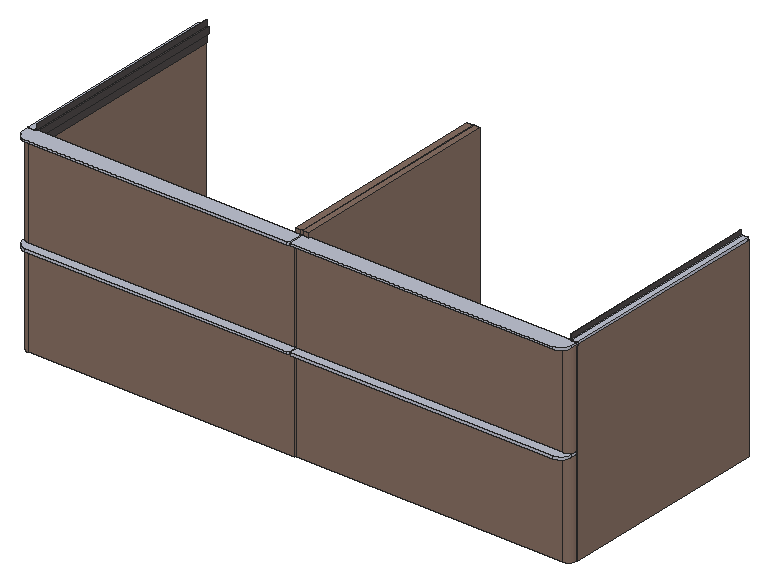
Revit family "vanity unit with 4 drawers for consoles with bowl", category Furniture, Revit 2019 (continued)
Types (48, lengths in mm): name | WEIGHT | Vanity unit 1560_550 with 4 drawers for consoles with bowl-54093700-Dark Walnut-MATT_WHITE-400_RX0RY0RZ0TX0TY0TZ0_V | Vanity unit 1560_550 with 4 drawers for consoles with bowl-54093700-Dark Walnut-MATT_WHITE-200_RX0RY0RZ0TX0TY0TZ0_V | Vanity unit 1560_550 with 4 drawers for consoles with bowl-54093670-Dark Walnut-MATT_BLACK-400_RX0RY0RZ0TX0TY0TZ0_V | Vanity unit 1560_550 with 4 drawers for consoles with bowl-54093670-Dark Walnut-MATT_BLACK-200_RX0RY0RZ0TX0TY0TZ0_V | Vanity unit 1560_550 with 4 drawers for consoles with bowl-54093000-Dark Walnut-CHROME-400_RX0RY0RZ0TX0TY0TZ0_V | Vanity unit 1560_550 with 4 drawers for consoles with bowl-54093000-Dark Walnut-CHROME-200_RX0RY0RZ0TX0TY0TZ0_V | Vanity unit 1560_550 with 4 drawers for consoles with bowl-54092700-Natural Oak-MATT_WHITE-400_RX0RY0RZ0TX0TY0TZ0_V | Vanity unit 1560_550 with 4 drawers for consoles with bowl-54092700-Natural Oak-MATT_WHITE-200_RX0RY0RZ0TX0TY0TZ0_V | Vanity unit 1560_550 with 4 drawers for consoles with bowl-54092670-Natural Oak-MATT_BLACK-400_RX0RY0RZ0TX0TY0TZ0_V | Vanity unit 1560_550 with 4 drawers for consoles with bowl-54092670-Natural Oak-MATT_BLACK-200_RX0RY0RZ0TX0TY0TZ0_V | Vanity unit 1560_550 with 4 drawers for consoles with bowl-54092000-Natural Oak-CHROME-400_RX0RY0RZ0TX0TY0TZ0_V | Vanity unit 1560_550 with 4 drawers for consoles with bowl-54092000-Natural Oak-CHROME-200_RX0RY0RZ0TX0TY0TZ0_V | Vanity unit 1560_550 with 4 drawers for consoles with bowl-54091700-Diamond Matt Grey-MATT_WHITE-400_RX0RY0RZ0TX0TY0TZ0_V | Vanity unit 1560_550 with 4 drawers for consoles with bowl-54091700-Diamond Matt Grey-MATT_WHITE-200_RX0RY0RZ0TX0TY0TZ0_V | Vanity unit 1560_550 with 4 drawers for consoles with bowl-54091670-Diamond Matt Grey-MATT_BLACK-400_RX0RY0RZ0TX0TY0TZ0_V | Vanity unit 1560_550 with 4 drawers for consoles with bowl-54091670-Diamond Matt Grey-MATT_BLACK-200_RX0RY0RZ0TX0TY0TZ0_V | Vanity unit 1560_550 with 4 drawers for consoles with bowl-54091000-Diamond Matt Grey-CHROME-400_RX0RY0RZ0TX0TY0TZ0_V | Vanity unit 1560_550 with 4 drawers for consoles with bowl-54091000-Diamond Matt Grey-CHROME-200_RX0RY0RZ0TX0TY0TZ0_V | Vanity unit 1560_550 with 4 drawers for consoles with bowl-54090700-High Gloss White-MATT_WHITE-400_RX0RY0RZ0TX0TY0TZ0_V | Vanity unit 1560_550 with 4 drawers for consoles with bowl-54090700-High Gloss White-MATT_WHITE-200_RX0RY0RZ0TX0TY0TZ0_V | Vanity unit 1560_550 with 4 drawers for consoles with bowl-54090670-High Gloss White-MATT_BLACK-400_RX0RY0RZ0TX0TY0TZ0_V | Vanity unit 1560_550 with 4 drawers for consoles with bowl-54090670-High Gloss White-MATT_BLACK-200_RX0RY0RZ0TX0TY0TZ0_V | Vanity unit 1560_550 with 4 drawers for consoles with bowl-54090000-High Gloss White-CHROME-400_RX0RY0RZ0TX0TY0TZ0_V | Vanity unit 1560_550 with 4 drawers for consoles with bowl-54090000-High Gloss White-CHROME-200_RX0RY0RZ0TX0TY0TZ0_V | Vanity unit 1360_550 with 4 drawers for consoles with bowl-54089700-Dark Walnut-MATT_WHITE-400_RX0RY0RZ0TX0TY0TZ0_V | Vanity unit 1360_550 with 4 drawers for consoles with bowl-54089700-Dark Walnut-MATT_WHITE-200_RX0RY0RZ0TX0TY0TZ0_V | Vanity unit 1360_550 with 4 drawers for consoles with bowl-54089670-Dark Walnut-MATT_BLACK-400_RX0RY0RZ0TX0TY0TZ0_V | Vanity unit 1360_550 with 4 drawers for consoles with bowl-54089670-Dark Walnut-MATT_BLACK-200_RX0RY0RZ0TX0TY0TZ0_V | Vanity unit 1360_550 with 4 drawers for consoles with bowl-54089000-Dark Walnut-CHROME-400_RX0RY0RZ0TX0TY0TZ0_V | Vanity unit 1360_550 with 4 drawers for consoles with bowl-54089000-Dark Walnut-CHROME-200_RX0RY0RZ0TX0TY0TZ0_V | Vanity unit 1360_550 with 4 drawers for consoles with bowl-54088700-Natural Oak-MATT_WHITE-400_RX0RY0RZ0TX0TY0TZ0_V | Vanity unit 1360_550 with 4 drawers for consoles with bowl-54088700-Natural Oak-MATT_WHITE-200_RX0RY0RZ0TX0TY0TZ0_V | Vanity unit 1360_550 with 4 drawers for consoles with bowl-54088670-Natural Oak-MATT_BLACK-400_RX0RY0RZ0TX0TY0TZ0_V | Vanity unit 1360_550 with 4 drawers for consoles with bowl-54088670-Natural Oak-MATT_BLACK-200_RX0RY0RZ0TX0TY0TZ0_V | Vanity unit 1360_550 with 4 drawers for consoles with bowl-54088000-Natural Oak-CHROME-400_RX0RY0RZ0TX0TY0TZ0_V | Vanity unit 1360_550 with 4 drawers for consoles with bowl-54088000-Natural Oak-CHROME-200_RX0RY0RZ0TX0TY0TZ0_V | Vanity unit 1360_550 with 4 drawers for consoles with bowl-54087700-Diamond Matt Grey-MATT_WHITE-400_RX0RY0RZ0TX0TY0TZ0_V | Vanity unit 1360_550 with 4 drawers for consoles with bowl-54087700-Diamond Matt Grey-MATT_WHITE-200_RX0RY0RZ0TX0TY0TZ0_V | Vanity unit 1360_550 with 4 drawers for consoles with bowl-54087670-Diamond Matt Grey-MATT_BLACK-400_RX0RY0RZ0TX0TY0TZ0_V | Vanity unit 1360_550 with 4 drawers for consoles with bowl-54087670-Diamond Matt Grey-MATT_BLACK-200_RX0RY0RZ0TX0TY0TZ0_V | Vanity unit 1360_550 with 4 drawers for consoles with bowl-54087000-Diamond Matt Grey-CHROME-400_RX0RY0RZ0TX0TY0TZ0_V | Vanity unit 1360_550 with 4 drawers for consoles with bowl-54087000-Diamond Matt Grey-CHROME-200_RX0RY0RZ0TX0TY0TZ0_V | Vanity unit 1360_550 with 4 drawers for consoles with bowl-54086700-High Gloss White-MATT_WHITE-400_RX0RY0RZ0TX0TY0TZ0_V | Vanity unit 1360_550 with 4 drawers for consoles with bowl-54086700-High Gloss White-MATT_WHITE-200_RX0RY0RZ0TX0TY0TZ0_V | Vanity unit 1360_550 with 4 drawers for consoles with bowl-54086670-High Gloss White-MATT_BLACK-400_RX0RY0RZ0TX0TY0TZ0_V | Vanity unit 1360_550 with 4 drawers for consoles with bowl-54086670-High Gloss White-MATT_BLACK-200_RX0RY0RZ0TX0TY0TZ0_V | Vanity unit 1360_550 with 4 drawers for consoles with bowl-54086000-High Gloss White-CHROME-400_RX0RY0RZ0TX0TY0TZ0_V | Vanity unit 1360_550 with 4 drawers for consoles with bowl-54086000-High Gloss White-CHROME-200_RX0RY0RZ0TX0TY0TZ0_V | SURFACE | PRODUCTURL | PERMALINK | OBERFLAECHE | NB | NAME | Model | MIdent | LODLEVEL | LINA | L | GTINCODE | BASENUMBER | ARTNR
  Vanity unit 1360_550 with 4 drawers for consoles with bowl-54088700-Natural Oak-MATT_WHITE-200 | "55.8" | no | no | no | no | no | no | no | no | no | no | no | no | no | no | no | no | no | no | no | no | no | no | no | no | no | no | no | no | no | no | no | yes | no | no | no | no | no | no | no | no | no | no | no | no | no | no | no | no | "MATT_WHITE" | "https://pro.hansgrohe.com/articledetail--54088000" | "54088XXX" | "Natural Oak" | "Vanity unit 1360/550 with 4 drawers for consoles with bowl-54088700-Natural Oak-MATT_WHITE-200" | "Xelu Q Vanity unit Natural Oak 1360/550 with 4 drawers for consoles with bowl" | "Vanity unit 1360/550 with 4 drawers for consoles with bowl-54088700-Natural Oak-MATT_WHITE-200" | "{$CADENAS_DATA/23d-libs/hansgrohe/xelu_furniture/vanity_unit_4_drawers_for_consoles_with_bowl/vanity_unit_4_drawers_for_consoles_with_bowl.prj},379 {VTYP=3D},{NB=Vanity unit 1360/550 with 4 drawers for consoles with bowl-54088700-Natural Oak-MATT_WHITE-200},{LINA=Vanity unit 1360/550 with 4 drawers for consoles with bowl-54088700-Natural Oak-MATT_WHITE-200},{NN=Vanity Unit with 4 Drawers for consoles with bowl},{DATE=13.03.2023 02:42:39},{GEOMDATE=08.03.2023 13:55:36},{VERSION=},{LINEID=70},{WBVAR=LODLEVEL},{WBNUMERIC=}  {NB=Vanity unit 1360/550 with 4 drawers for consoles with bowl-54088700-Natural Oak-MATT_WHITE-200},{LINA=Vanity unit 1360/550 with 4 drawers for consoles with bowl-54088700-Natural Oak-MATT_WHITE-200},{KT=DUMMY},{IDNR=7},{ARTNR=54088700},{BASENUMBER=Vanity unit 1360/550 with 4 drawers for consoles with bowl},{MODEL=54088XXX},{OBERFLAECHE=Natural Oak},{SURFACE=MATT_WHITE},{L=1360},{LODLEVEL=200},{LODLEVELX='400','400','200','200'},{NAME=Xelu Q Vanity unit Natural Oak 1360/550 with 4 drawers for consoles with bowl},{PERMALINK=54088XXX},{OBJECTTYPE=Object (single object)},{BIMOBJECT=Sanitary: Compound units},{PRODUCTFAMILY=Xelu Q},{PRODUCTGROUP=vanity unit},{WEIGHT=55.8},{DESCRIPTION=Xelu Q Vanity unit Natural Oak 1360/550 with 4 drawers for consoles with bowl},{SPECIFICATION=},{PRODUCTURL=https://pro.hansgrohe.com/articledetail--54088000},{GTINCODE=4059625456910},{TENDERURL=},{IFC=Furnishing element},{ETIM=EC011381 | Bathroom furniture set},{UNICLASS2015=Pr_40_30_78_05 | Bathroom furniture},{OMNICLASS=23-21 19 15 33 13 | Residential Bathroom Specialty Casework},{MASTERFORMAT=12 35 30.23 | Bathroom Casework},{UNSPSC=56 | Furniture and Furnishings},{UNIFORMATII=E2010 | Fixed Furnishings},{DESIGN=Germany},{MANUFACTURER=Germany},{REGIONSET=Worldwide}" | "200" | "Vanity unit 1360/550 with 4 drawers for consoles with bowl-54088700-Natural Oak-MATT_WHITE-200" | 1360 | "4059625456910" | "Vanity unit 1360/550 with 4 drawers for consoles with bowl" | "54088700"
  Vanity unit 1360_550 with 4 drawers for consoles with bowl-54088700-Natural Oak-MATT_WHITE-400 | "55.8" | no | no | no | no | no | no | no | no | no | no | no | no | no | no | no | no | no | no | no | no | no | no | no | no | no | no | no | no | no | no | yes | no | no | no | no | no | no | no | no | no | no | no | no | no | no | no | no | no | "MATT_WHITE" | "https://pro.hansgrohe.com/articledetail--54088000" | "54088XXX" | "Natural Oak" | "Vanity unit 1360/550 with 4 drawers for consoles with bowl-54088700-Natural Oak-MATT_WHITE-400" | "Xelu Q Vanity unit Natural Oak 1360/550 with 4 drawers for consoles with bowl" | "Vanity unit 1360/550 with 4 drawers for consoles with bowl-54088700-Natural Oak-MATT_WHITE-400" | "{$CADENAS_DATA/23d-libs/hansgrohe/xelu_furniture/vanity_unit_4_drawers_for_consoles_with_bowl/vanity_unit_4_drawers_for_consoles_with_bowl.prj},379 {VTYP=3D},{NB=Vanity unit 1360/550 with 4 drawers for consoles with bowl-54088700-Natural Oak-MATT_WHITE-400},{LINA=Vanity unit 1360/550 with 4 drawers for consoles with bowl-54088700-Natural Oak-MATT_WHITE-400},{NN=Vanity Unit with 4 Drawers for consoles with bowl},{DATE=13.03.2023 02:42:39},{GEOMDATE=08.03.2023 13:55:36},{VERSION=},{LINEID=70},{WBVAR=LODLEVEL},{WBNUMERIC=}  {NB=Vanity unit 1360/550 with 4 drawers for consoles with bowl-54088700-Natural Oak-MATT_WHITE-400},{LINA=Vanity unit 1360/550 with 4 drawers for consoles with bowl-54088700-Natural Oak-MATT_WHITE-400},{KT=DUMMY},{IDNR=7},{ARTNR=54088700},{BASENUMBER=Vanity unit 1360/550 with 4 drawers for consoles with bowl},{MODEL=54088XXX},{OBERFLAECHE=Natural Oak},{SURFACE=MATT_WHITE},{L=1360},{LODLEVEL=400},{LODLEVELX='400','400','200','200'},{NAME=Xelu Q Vanity unit Natural Oak 1360/550 with 4 drawers for consoles with bowl},{PERMALINK=54088XXX},{OBJECTTYPE=Object (single object)},{BIMOBJECT=Sanitary: Compound units},{PRODUCTFAMILY=Xelu Q},{PRODUCTGROUP=vanity unit},{WEIGHT=55.8},{DESCRIPTION=Xelu Q Vanity unit Natural Oak 1360/550 with 4 drawers for consoles with bowl},{SPECIFICATION=},{PRODUCTURL=https://pro.hansgrohe.com/articledetail--54088000},{GTINCODE=4059625456910},{TENDERURL=},{IFC=Furnishing element},{ETIM=EC011381 | Bathroom furniture set},{UNICLASS2015=Pr_40_30_78_05 | Bathroom furniture},{OMNICLASS=23-21 19 15 33 13 | Residential Bathroom Specialty Casework},{MASTERFORMAT=12 35 30.23 | Bathroom Casework},{UNSPSC=56 | Furniture and Furnishings},{UNIFORMATII=E2010 | Fixed Furnishings},{DESIGN=Germany},{MANUFACTURER=Germany},{REGIONSET=Worldwide}" | "400" | "Vanity unit 1360/550 with 4 drawers for consoles with bowl-54088700-Natural Oak-MATT_WHITE-400" | 1360 | "4059625456910" | "Vanity unit 1360/550 with 4 drawers for consoles with bowl" | "54088700"
  Vanity unit 1360_550 with 4 drawers for consoles with bowl-54089000-Dark Walnut-CHROME-200 | "55.8" | no | no | no | no | no | no | no | no | no | no | no | no | no | no | no | no | no | no | no | no | no | no | no | no | no | no | no | no | no | yes | no | no | no | no | no | no | no | no | no | no | no | no | no | no | no | no | no | no | "CHROME" | "https://pro.hansgrohe.com/articledetail--54089000" | "54089XXX" | "Dark Walnut" | "Vanity unit 1360/550 with 4 drawers for consoles with bowl-54089000-Dark Walnut-CHROME-200" | "Xelu Q Vanity unit Dark Walnut 1360/550 with 4 drawers for consoles with bowl" | "Vanity unit 1360/550 with 4 drawers for consoles with bowl-54089000-Dark Walnut-CHROME-200" | "{$CADENAS_DATA/23d-libs/hansgrohe/xelu_furniture/vanity_unit_4_drawers_for_consoles_with_bowl/vanity_unit_4_drawers_for_consoles_with_bowl.prj},372 {VTYP=3D},{NB=Vanity unit 1360/550 with 4 drawers for consoles with bowl-54089000-Dark Walnut-CHROME-200},{LINA=Vanity unit 1360/550 with 4 drawers for consoles with bowl-54089000-Dark Walnut-CHROME-200},{NN=Vanity Unit with 4 Drawers for consoles with bowl},{DATE=13.03.2023 02:42:39},{GEOMDATE=08.03.2023 13:55:36},{VERSION=},{LINEID=100},{WBVAR=LODLEVEL},{WBNUMERIC=}  {NB=Vanity unit 1360/550 with 4 drawers for consoles with bowl-54089000-Dark Walnut-CHROME-200},{LINA=Vanity unit 1360/550 with 4 drawers for consoles with bowl-54089000-Dark Walnut-CHROME-200},{KT=DUMMY},{IDNR=10},{ARTNR=54089000},{BASENUMBER=Vanity unit 1360/550 with 4 drawers for consoles with bowl},{MODEL=54089XXX},{OBERFLAECHE=Dark Walnut},{SURFACE=CHROME},{L=1360},{LODLEVEL=200},{LODLEVELX='400','400','200','200'},{NAME=Xelu Q Vanity unit Dark Walnut 1360/550 with 4 drawers for consoles with bowl},{PERMALINK=54089XXX},{OBJECTTYPE=Object (single object)},{BIMOBJECT=Sanitary: Compound units},{PRODUCTFAMILY=Xelu Q},{PRODUCTGROUP=vanity unit},{WEIGHT=55.8},{DESCRIPTION=Xelu Q Vanity unit Dark Walnut 1360/550 with 4 drawers for consoles with bowl},{SPECIFICATION=},{PRODUCTURL=https://pro.hansgrohe.com/articledetail--54089000},{GTINCODE=4059625456880},{TENDERURL=},{IFC=Furnishing element},{ETIM=EC011381 | Bathroom furniture set},{UNICLASS2015=Pr_40_30_78_05 | Bathroom furniture},{OMNICLASS=23-21 19 15 33 13 | Residential Bathroom Specialty Casework},{MASTERFORMAT=12 35 30.23 | Bathroom Casework},{UNSPSC=56 | Furniture and Furnishings},{UNIFORMATII=E2010 | Fixed Furnishings},{DESIGN=Germany},{MANUFACTURER=Germany},{REGIONSET=Worldwide}" | "200" | "Vanity unit 1360/550 with 4 drawers for consoles with bowl-54089000-Dark Walnut-CHROME-200" | 1360 | "4059625456880" | "Vanity unit 1360/550 with 4 drawers for consoles with bowl" | "54089000"
  Vanity unit 1360_550 with 4 drawers for consoles with bowl-54089000-Dark Walnut-CHROME-400 | "55.8" | no | no | no | no | no | no | no | no | no | no | no | no | no | no | no | no | no | no | no | no | no | no | no | no | no | no | no | no | yes | no | no | no | no | no | no | no | no | no | no | no | no | no | no | no | no | no | no | no | "CHROME" | "https://pro.hansgrohe.com/articledetail--54089000" | "54089XXX" | "Dark Walnut" | "Vanity unit 1360/550 with 4 drawers for consoles with bowl-54089000-Dark Walnut-CHROME-400" | "Xelu Q Vanity unit Dark Walnut 1360/550 with 4 drawers for consoles with bowl" | "Vanity unit 1360/550 with 4 drawers for consoles with bowl-54089000-Dark Walnut-CHROME-400" | "{$CADENAS_DATA/23d-libs/hansgrohe/xelu_furniture/vanity_unit_4_drawers_for_consoles_with_bowl/vanity_unit_4_drawers_for_consoles_with_bowl.prj},372 {VTYP=3D},{NB=Vanity unit 1360/550 with 4 drawers for consoles with bowl-54089000-Dark Walnut-CHROME-400},{LINA=Vanity unit 1360/550 with 4 drawers for consoles with bowl-54089000-Dark Walnut-CHROME-400},{NN=Vanity Unit with 4 Drawers for consoles with bowl},{DATE=13.03.2023 02:42:39},{GEOMDATE=08.03.2023 13:55:36},{VERSION=},{LINEID=100},{WBVAR=LODLEVEL},{WBNUMERIC=}  {NB=Vanity unit 1360/550 with 4 drawers for consoles with bowl-54089000-Dark Walnut-CHROME-400},{LINA=Vanity unit 1360/550 with 4 drawers for consoles with bowl-54089000-Dark Walnut-CHROME-400},{KT=DUMMY},{IDNR=10},{ARTNR=54089000},{BASENUMBER=Vanity unit 1360/550 with 4 drawers for consoles with bowl},{MODEL=54089XXX},{OBERFLAECHE=Dark Walnut},{SURFACE=CHROME},{L=1360},{LODLEVEL=400},{LODLEVELX='400','400','200','200'},{NAME=Xelu Q Vanity unit Dark Walnut 1360/550 with 4 drawers for consoles with bowl},{PERMALINK=54089XXX},{OBJECTTYPE=Object (single object)},{BIMOBJECT=Sanitary: Compound units},{PRODUCTFAMILY=Xelu Q},{PRODUCTGROUP=vanity unit},{WEIGHT=55.8},{DESCRIPTION=Xelu Q Vanity unit Dark Walnut 1360/550 with 4 drawers for consoles with bowl},{SPECIFICATION=},{PRODUCTURL=https://pro.hansgrohe.com/articledetail--54089000},{GTINCODE=4059625456880},{TENDERURL=},{IFC=Furnishing element},{ETIM=EC011381 | Bathroom furniture set},{UNICLASS2015=Pr_40_30_78_05 | Bathroom furniture},{OMNICLASS=23-21 19 15 33 13 | Residential Bathroom Specialty Casework},{MASTERFORMAT=12 35 30.23 | Bathroom Casework},{UNSPSC=56 | Furniture and Furnishings},{UNIFORMATII=E2010 | Fixed Furnishings},{DESIGN=Germany},{MANUFACTURER=Germany},{REGIONSET=Worldwide}" | "400" | "Vanity unit 1360/550 with 4 drawers for consoles with bowl-54089000-Dark Walnut-CHROME-400" | 1360 | "4059625456880" | "Vanity unit 1360/550 with 4 drawers for consoles with bowl" | "54089000"
  Vanity unit 1360_550 with 4 drawers for consoles with bowl-54089670-Dark Walnut-MATT_BLACK-200 | "55.8" | no | no | no | no | no | no | no | no | no | no | no | no | no | no | no | no | no | no | no | no | no | no | no | no | no | no | no | yes | no | no | no | no | no | no | no | no | no | no | no | no | no | no | no | no | no | no | no | no | "MATT_BLACK" | "https://pro.hansgrohe.com/articledetail--54089000" | "54089XXX" | "Dark Walnut" | "Vanity unit 1360/550 with 4 drawers for consoles with bowl-54089670-Dark Walnut-MATT_BLACK-200" | "Xelu Q Vanity unit Dark Walnut 1360/550 with 4 drawers for consoles with bowl" | "Vanity unit 1360/550 with 4 drawers for consoles with bowl-54089670-Dark Walnut-MATT_BLACK-200" | "{$CADENAS_DATA/23d-libs/hansgrohe/xelu_furniture/vanity_unit_4_drawers_for_consoles_with_bowl/vanity_unit_4_drawers_for_consoles_with_bowl.prj},380 {VTYP=3D},{NB=Vanity unit 1360/550 with 4 drawers for consoles with bowl-54089670-Dark Walnut-MATT_BLACK-200},{LINA=Vanity unit 1360/550 with 4 drawers for consoles with bowl-54089670-Dark Walnut-MATT_BLACK-200},{NN=Vanity Unit with 4 Drawers for consoles with bowl},{DATE=13.03.2023 02:42:39},{GEOMDATE=08.03.2023 13:55:36},{VERSION=},{LINEID=120},{WBVAR=LODLEVEL},{WBNUMERIC=}  {NB=Vanity unit 1360/550 with 4 drawers for consoles with bowl-54089670-Dark Walnut-MATT_BLACK-200},{LINA=Vanity unit 1360/550 with 4 drawers for consoles with bowl-54089670-Dark Walnut-MATT_BLACK-200},{KT=DUMMY},{IDNR=12},{ARTNR=54089670},{BASENUMBER=Vanity unit 1360/550 with 4 drawers for consoles with bowl},{MODEL=54089XXX},{OBERFLAECHE=Dark Walnut},{SURFACE=MATT_BLACK},{L=1360},{LODLEVEL=200},{LODLEVELX='400','400','200','200'},{NAME=Xelu Q Vanity unit Dark Walnut 1360/550 with 4 drawers for consoles with bowl},{PERMALINK=54089XXX},{OBJECTTYPE=Object (single object)},{BIMOBJECT=Sanitary: Compound units},{PRODUCTFAMILY=Xelu Q},{PRODUCTGROUP=vanity unit},{WEIGHT=55.8},{DESCRIPTION=Xelu Q Vanity unit Dark Walnut 1360/550 with 4 drawers for consoles with bowl},{SPECIFICATION=},{PRODUCTURL=https://pro.hansgrohe.com/articledetail--54089000},{GTINCODE=4059625456880},{TENDERURL=},{IFC=Furnishing element},{ETIM=EC011381 | Bathroom furniture set},{UNICLASS2015=Pr_40_30_78_05 | Bathroom furniture},{OMNICLASS=23-21 19 15 33 13 | Residential Bathroom Specialty Casework},{MASTERFORMAT=12 35 30.23 | Bathroom Casework},{UNSPSC=56 | Furniture and Furnishings},{UNIFORMATII=E2010 | Fixed Furnishings},{DESIGN=Germany},{MANUFACTURER=Germany},{REGIONSET=Worldwide}" | "200" | "Vanity unit 1360/550 with 4 drawers for consoles with bowl-54089670-Dark Walnut-MATT_BLACK-200" | 1360 | "4059625456880" | "Vanity unit 1360/550 with 4 drawers for consoles with bowl" | "54089670"
  Vanity unit 1360_550 with 4 drawers for consoles with bowl-54089670-Dark Walnut-MATT_BLACK-400 | "55.8" | no | no | no | no | no | no | no | no | no | no | no | no | no | no | no | no | no | no | no | no | no | no | no | no | no | no | yes | no | no | no | no | no | no | no | no | no | no | no | no | no | no | no | no | no | no | no | no | no | "MATT_BLACK" | "https://pro.hansgrohe.com/articledetail--54089000" | "54089XXX" | "Dark Walnut" | "Vanity unit 1360/550 with 4 drawers for consoles with bowl-54089670-Dark Walnut-MATT_BLACK-400" | "Xelu Q Vanity unit Dark Walnut 1360/550 with 4 drawers for consoles with bowl" | "Vanity unit 1360/550 with 4 drawers for consoles with bowl-54089670-Dark Walnut-MATT_BLACK-400" | "{$CADENAS_DATA/23d-libs/hansgrohe/xelu_furniture/vanity_unit_4_drawers_for_consoles_with_bowl/vanity_unit_4_drawers_for_consoles_with_bowl.prj},380 {VTYP=3D},{NB=Vanity unit 1360/550 with 4 drawers for consoles with bowl-54089670-Dark Walnut-MATT_BLACK-400},{LINA=Vanity unit 1360/550 with 4 drawers for consoles with bowl-54089670-Dark Walnut-MATT_BLACK-400},{NN=Vanity Unit with 4 Drawers for consoles with bowl},{DATE=13.03.2023 02:42:39},{GEOMDATE=08.03.2023 13:55:36},{VERSION=},{LINEID=120},{WBVAR=LODLEVEL},{WBNUMERIC=}  {NB=Vanity unit 1360/550 with 4 drawers for consoles with bowl-54089670-Dark Walnut-MATT_BLACK-400},{LINA=Vanity unit 1360/550 with 4 drawers for consoles with bowl-54089670-Dark Walnut-MATT_BLACK-400},{KT=DUMMY},{IDNR=12},{ARTNR=54089670},{BASENUMBER=Vanity unit 1360/550 with 4 drawers for consoles with bowl},{MODEL=54089XXX},{OBERFLAECHE=Dark Walnut},{SURFACE=MATT_BLACK},{L=1360},{LODLEVEL=400},{LODLEVELX='400','400','200','200'},{NAME=Xelu Q Vanity unit Dark Walnut 1360/550 with 4 drawers for consoles with bowl},{PERMALINK=54089XXX},{OBJECTTYPE=Object (single object)},{BIMOBJECT=Sanitary: Compound units},{PRODUCTFAMILY=Xelu Q},{PRODUCTGROUP=vanity unit},{WEIGHT=55.8},{DESCRIPTION=Xelu Q Vanity unit Dark Walnut 1360/550 with 4 drawers for consoles with bowl},{SPECIFICATION=},{PRODUCTURL=https://pro.hansgrohe.com/articledetail--54089000},{GTINCODE=4059625456880},{TENDERURL=},{IFC=Furnishing element},{ETIM=EC011381 | Bathroom furniture set},{UNICLASS2015=Pr_40_30_78_05 | Bathroom furniture},{OMNICLASS=23-21 19 15 33 13 | Residential Bathroom Specialty Casework},{MASTERFORMAT=12 35 30.23 | Bathroom Casework},{UNSPSC=56 | Furniture and Furnishings},{UNIFORMATII=E2010 | Fixed Furnishings},{DESIGN=Germany},{MANUFACTURER=Germany},{REGIONSET=Worldwide}" | "400" | "Vanity unit 1360/550 with 4 drawers for consoles with bowl-54089670-Dark Walnut-MATT_BLACK-400" | 1360 | "4059625456880" | "Vanity unit 1360/550 with 4 drawers for consoles with bowl" | "54089670"
  Vanity unit 1360_550 with 4 drawers for consoles with bowl-54089700-Dark Walnut-MATT_WHITE-200 | "55.8" | no | no | no | no | no | no | no | no | no | no | no | no | no | no | no | no | no | no | no | no | no | no | no | no | no | yes | no | no | no | no | no | no | no | no | no | no | no | no | no | no | no | no | no | no | no | no | no | no | "MATT_WHITE" | "https://pro.hansgrohe.com/articledetail--54089000" | "54089XXX" | "Dark Walnut" | "Vanity unit 1360/550 with 4 drawers for consoles with bowl-54089700-Dark Walnut-MATT_WHITE-200" | "Xelu Q Vanity unit Dark Walnut 1360/550 with 4 drawers for consoles with bowl" | "Vanity unit 1360/550 with 4 drawers for consoles with bowl-54089700-Dark Walnut-MATT_WHITE-200" | "{$CADENAS_DATA/23d-libs/hansgrohe/xelu_furniture/vanity_unit_4_drawers_for_consoles_with_bowl/vanity_unit_4_drawers_for_consoles_with_bowl.prj},380 {VTYP=3D},{NB=Vanity unit 1360/550 with 4 drawers for consoles with bowl-54089700-Dark Walnut-MATT_WHITE-200},{LINA=Vanity unit 1360/550 with 4 drawers for consoles with bowl-54089700-Dark Walnut-MATT_WHITE-200},{NN=Vanity Unit with 4 Drawers for consoles with bowl},{DATE=13.03.2023 02:42:39},{GEOMDATE=08.03.2023 13:55:36},{VERSION=},{LINEID=110},{WBVAR=LODLEVEL},{WBNUMERIC=}  {NB=Vanity unit 1360/550 with 4 drawers for consoles with bowl-54089700-Dark Walnut-MATT_WHITE-200},{LINA=Vanity unit 1360/550 with 4 drawers for consoles with bowl-54089700-Dark Walnut-MATT_WHITE-200},{KT=DUMMY},{IDNR=11},{ARTNR=54089700},{BASENUMBER=Vanity unit 1360/550 with 4 drawers for consoles with bowl},{MODEL=54089XXX},{OBERFLAECHE=Dark Walnut},{SURFACE=MATT_WHITE},{L=1360},{LODLEVEL=200},{LODLEVELX='400','400','200','200'},{NAME=Xelu Q Vanity unit Dark Walnut 1360/550 with 4 drawers for consoles with bowl},{PERMALINK=54089XXX},{OBJECTTYPE=Object (single object)},{BIMOBJECT=Sanitary: Compound units},{PRODUCTFAMILY=Xelu Q},{PRODUCTGROUP=vanity unit},{WEIGHT=55.8},{DESCRIPTION=Xelu Q Vanity unit Dark Walnut 1360/550 with 4 drawers for consoles with bowl},{SPECIFICATION=},{PRODUCTURL=https://pro.hansgrohe.com/articledetail--54089000},{GTINCODE=4059625456880},{TENDERURL=},{IFC=Furnishing element},{ETIM=EC011381 | Bathroom furniture set},{UNICLASS2015=Pr_40_30_78_05 | Bathroom furniture},{OMNICLASS=23-21 19 15 33 13 | Residential Bathroom Specialty Casework},{MASTERFORMAT=12 35 30.23 | Bathroom Casework},{UNSPSC=56 | Furniture and Furnishings},{UNIFORMATII=E2010 | Fixed Furnishings},{DESIGN=Germany},{MANUFACTURER=Germany},{REGIONSET=Worldwide}" | "200" | "Vanity unit 1360/550 with 4 drawers for consoles with bowl-54089700-Dark Walnut-MATT_WHITE-200" | 1360 | "4059625456880" | "Vanity unit 1360/550 with 4 drawers for consoles with bowl" | "54089700"
  Vanity unit 1360_550 with 4 drawers for consoles with bowl-54089700-Dark Walnut-MATT_WHITE-400 | "55.8" | no | no | no | no | no | no | no | no | no | no | no | no | no | no | no | no | no | no | no | no | no | no | no | no | yes | no | no | no | no | no | no | no | no | no | no | no | no | no | no | no | no | no | no | no | no | no | no | no | "MATT_WHITE" | "https://pro.hansgrohe.com/articledetail--54089000" | "54089XXX" | "Dark Walnut" | "Vanity unit 1360/550 with 4 drawers for consoles with bowl-54089700-Dark Walnut-MATT_WHITE-400" | "Xelu Q Vanity unit Dark Walnut 1360/550 with 4 drawers for consoles with bowl" | "Vanity unit 1360/550 with 4 drawers for consoles with bowl-54089700-Dark Walnut-MATT_WHITE-400" | "{$CADENAS_DATA/23d-libs/hansgrohe/xelu_furniture/vanity_unit_4_drawers_for_consoles_with_bowl/vanity_unit_4_drawers_for_consoles_with_bowl.prj},380 {VTYP=3D},{NB=Vanity unit 1360/550 with 4 drawers for consoles with bowl-54089700-Dark Walnut-MATT_WHITE-400},{LINA=Vanity unit 1360/550 with 4 drawers for consoles with bowl-54089700-Dark Walnut-MATT_WHITE-400},{NN=Vanity Unit with 4 Drawers for consoles with bowl},{DATE=13.03.2023 02:42:39},{GEOMDATE=08.03.2023 13:55:36},{VERSION=},{LINEID=110},{WBVAR=LODLEVEL},{WBNUMERIC=}  {NB=Vanity unit 1360/550 with 4 drawers for consoles with bowl-54089700-Dark Walnut-MATT_WHITE-400},{LINA=Vanity unit 1360/550 with 4 drawers for consoles with bowl-54089700-Dark Walnut-MATT_WHITE-400},{KT=DUMMY},{IDNR=11},{ARTNR=54089700},{BASENUMBER=Vanity unit 1360/550 with 4 drawers for consoles with bowl},{MODEL=54089XXX},{OBERFLAECHE=Dark Walnut},{SURFACE=MATT_WHITE},{L=1360},{LODLEVEL=400},{LODLEVELX='400','400','200','200'},{NAME=Xelu Q Vanity unit Dark Walnut 1360/550 with 4 drawers for consoles with bowl},{PERMALINK=54089XXX},{OBJECTTYPE=Object (single object)},{BIMOBJECT=Sanitary: Compound units},{PRODUCTFAMILY=Xelu Q},{PRODUCTGROUP=vanity unit},{WEIGHT=55.8},{DESCRIPTION=Xelu Q Vanity unit Dark Walnut 1360/550 with 4 drawers for consoles with bowl},{SPECIFICATION=},{PRODUCTURL=https://pro.hansgrohe.com/articledetail--54089000},{GTINCODE=4059625456880},{TENDERURL=},{IFC=Furnishing element},{ETIM=EC011381 | Bathroom furniture set},{UNICLASS2015=Pr_40_30_78_05 | Bathroom furniture},{OMNICLASS=23-21 19 15 33 13 | Residential Bathroom Specialty Casework},{MASTERFORMAT=12 35 30.23 | Bathroom Casework},{UNSPSC=56 | Furniture and Furnishings},{UNIFORMATII=E2010 | Fixed Furnishings},{DESIGN=Germany},{MANUFACTURER=Germany},{REGIONSET=Worldwide}" | "400" | "Vanity unit 1360/550 with 4 drawers for consoles with bowl-54089700-Dark Walnut-MATT_WHITE-400" | 1360 | "4059625456880" | "Vanity unit 1360/550 with 4 drawers for consoles with bowl" | "54089700"
  Vanity unit 1560_550 with 4 drawers for consoles with bowl-54090000-High Gloss White-CHROME-200 | "61" | no | no | no | no | no | no | no | no | no | no | no | no | no | no | no | no | no | no | no | no | no | no | no | yes | no | no | no | no | no | no | no | no | no | no | no | no | no | no | no | no | no | no | no | no | no | no | no | no | "CHROME" | "https://pro.hansgrohe.com/articledetail--54090000" | "54090XXX" | "High Gloss White" | "Vanity unit 1560/550 with 4 drawers for consoles with bowl-54090000-High Gloss White-CHROME-200" | "Xelu Q Vanity unit High Gloss White 1560/550 with 4 drawers for consoles with bowl" | "Vanity unit 1560/550 with 4 drawers for consoles with bowl-54090000-High Gloss White-CHROME-200" | "{$CADENAS_DATA/23d-libs/hansgrohe/xelu_furniture/vanity_unit_4_drawers_for_consoles_with_bowl/vanity_unit_4_drawers_for_consoles_with_bowl.prj},382 {VTYP=3D},{NB=Vanity unit 1560/550 with 4 drawers for consoles with bowl-54090000-High Gloss White-CHROME-200},{LINA=Vanity unit 1560/550 with 4 drawers for consoles with bowl-54090000-High Gloss White-CHROME-200},{NN=Vanity Unit with 4 Drawers for consoles with bowl},{DATE=13.03.2023 02:42:39},{GEOMDATE=08.03.2023 13:55:36},{VERSION=},{LINEID=140},{WBVAR=LODLEVEL},{WBNUMERIC=}  {NB=Vanity unit 1560/550 with 4 drawers for consoles with bowl-54090000-High Gloss White-CHROME-200},{LINA=Vanity unit 1560/550 with 4 drawers for consoles with bowl-54090000-High Gloss White-CHROME-200},{KT=DUMMY},{IDNR=14},{ARTNR=54090000},{BASENUMBER=Vanity unit 1560/550 with 4 drawers for consoles with bowl},{MODEL=54090XXX},{OBERFLAECHE=High Gloss White},{SURFACE=CHROME},{L=1560},{LODLEVEL=200},{LODLEVELX='400','400','200','200'},{NAME=Xelu Q Vanity unit High Gloss White 1560/550 with 4 drawers for consoles with bowl},{PERMALINK=54090XXX},{OBJECTTYPE=Object (single object)},{BIMOBJECT=Sanitary: Compound units},{PRODUCTFAMILY=Xelu Q},{PRODUCTGROUP=vanity unit},{WEIGHT=61},{DESCRIPTION=Xelu Q Vanity unit High Gloss White 1560/550 with 4 drawers for consoles with bowl},{SPECIFICATION=},{PRODUCTURL=https://pro.hansgrohe.com/articledetail--54090000},{GTINCODE=4059625456859},{TENDERURL=},{IFC=Furnishing element},{ETIM=EC011381 | Bathroom furniture set},{UNICLASS2015=Pr_40_30_78_05 | Bathroom furniture},{OMNICLASS=23-21 19 15 33 13 | Residential Bathroom Specialty Casework},{MASTERFORMAT=12 35 30.23 | Bathroom Casework},{UNSPSC=56 | Furniture and Furnishings},{UNIFORMATII=E2010 | Fixed Furnishings},{DESIGN=Germany},{MANUFACTURER=Germany},{REGIONSET=Worldwide}" | "200" | "Vanity unit 1560/550 with 4 drawers for consoles with bowl-54090000-High Gloss White-CHROME-200" | 1560 | "4059625456859" | "Vanity unit 1560/550 with 4 drawers for consoles with bowl" | "54090000"
  Vanity unit 1560_550 with 4 drawers for consoles with bowl-54090000-High Gloss White-CHROME-400 | "61" | no | no | no | no | no | no | no | no | no | no | no | no | no | no | no | no | no | no | no | no | no | no | yes | no | no | no | no | no | no | no | no | no | no | no | no | no | no | no | no | no | no | no | no | no | no | no | no | no | "CHROME" | "https://pro.hansgrohe.com/articledetail--54090000" | "54090XXX" | "High Gloss White" | "Vanity unit 1560/550 with 4 drawers for consoles with bowl-54090000-High Gloss White-CHROME-400" | "Xelu Q Vanity unit High Gloss White 1560/550 with 4 drawers for consoles with bowl" | "Vanity unit 1560/550 with 4 drawers for consoles with bowl-54090000-High Gloss White-CHROME-400" | "{$CADENAS_DATA/23d-libs/hansgrohe/xelu_furniture/vanity_unit_4_drawers_for_consoles_with_bowl/vanity_unit_4_drawers_for_consoles_with_bowl.prj},382 {VTYP=3D},{NB=Vanity unit 1560/550 with 4 drawers for consoles with bowl-54090000-High Gloss White-CHROME-400},{LINA=Vanity unit 1560/550 with 4 drawers for consoles with bowl-54090000-High Gloss White-CHROME-400},{NN=Vanity Unit with 4 Drawers for consoles with bowl},{DATE=13.03.2023 02:42:39},{GEOMDATE=08.03.2023 13:55:36},{VERSION=},{LINEID=140},{WBVAR=LODLEVEL},{WBNUMERIC=}  {NB=Vanity unit 1560/550 with 4 drawers for consoles with bowl-54090000-High Gloss White-CHROME-400},{LINA=Vanity unit 1560/550 with 4 drawers for consoles with bowl-54090000-High Gloss White-CHROME-400},{KT=DUMMY},{IDNR=14},{ARTNR=54090000},{BASENUMBER=Vanity unit 1560/550 with 4 drawers for consoles with bowl},{MODEL=54090XXX},{OBERFLAECHE=High Gloss White},{SURFACE=CHROME},{L=1560},{LODLEVEL=400},{LODLEVELX='400','400','200','200'},{NAME=Xelu Q Vanity unit High Gloss White 1560/550 with 4 drawers for consoles with bowl},{PERMALINK=54090XXX},{OBJECTTYPE=Object (single object)},{BIMOBJECT=Sanitary: Compound units},{PRODUCTFAMILY=Xelu Q},{PRODUCTGROUP=vanity unit},{WEIGHT=61},{DESCRIPTION=Xelu Q Vanity unit High Gloss White 1560/550 with 4 drawers for consoles with bowl},{SPECIFICATION=},{PRODUCTURL=https://pro.hansgrohe.com/articledetail--54090000},{GTINCODE=4059625456859},{TENDERURL=},{IFC=Furnishing element},{ETIM=EC011381 | Bathroom furniture set},{UNICLASS2015=Pr_40_30_78_05 | Bathroom furniture},{OMNICLASS=23-21 19 15 33 13 | Residential Bathroom Specialty Casework},{MASTERFORMAT=12 35 30.23 | Bathroom Casework},{UNSPSC=56 | Furniture and Furnishings},{UNIFORMATII=E2010 | Fixed Furnishings},{DESIGN=Germany},{MANUFACTURER=Germany},{REGIONSET=Worldwide}" | "400" | "Vanity unit 1560/550 with 4 drawers for consoles with bowl-54090000-High Gloss White-CHROME-400" | 1560 | "4059625456859" | "Vanity unit 1560/550 with 4 drawers for consoles with bowl" | "54090000"
  Vanity unit 1560_550 with 4 drawers for consoles with bowl-54090670-High Gloss White-MATT_BLACK-200 | "61" | no | no | no | no | no | no | no | no | no | no | no | no | no | no | no | no | no | no | no | no | no | yes | no | no | no | no | no | no | no | no | no | no | no | no | no | no | no | no | no | no | no | no | no | no | no | no | no | no | "MATT_BLACK" | "https://pro.hansgrohe.com/articledetail--54090000" | "54090XXX" | "High Gloss White" | "Vanity unit 1560/550 with 4 drawers for consoles with bowl-54090670-High Gloss White-MATT_BLACK-200" | "Xelu Q Vanity unit High Gloss White 1560/550 with 4 drawers for consoles with bowl" | "Vanity unit 1560/550 with 4 drawers for consoles with bowl-54090670-High Gloss White-MATT_BLACK-200" | "{$CADENAS_DATA/23d-libs/hansgrohe/xelu_furniture/vanity_unit_4_drawers_for_consoles_with_bowl/vanity_unit_4_drawers_for_consoles_with_bowl.prj},390 {VTYP=3D},{NB=Vanity unit 1560/550 with 4 drawers for consoles with bowl-54090670-High Gloss White-MATT_BLACK-200},{LINA=Vanity unit 1560/550 with 4 drawers for consoles with bowl-54090670-High Gloss White-MATT_BLACK-200},{NN=Vanity Unit with 4 Drawers for consoles with bowl},{DATE=13.03.2023 02:42:39},{GEOMDATE=08.03.2023 13:55:36},{VERSION=},{LINEID=130},{WBVAR=LODLEVEL},{WBNUMERIC=}  {NB=Vanity unit 1560/550 with 4 drawers for consoles with bowl-54090670-High Gloss White-MATT_BLACK-200},{LINA=Vanity unit 1560/550 with 4 drawers for consoles with bowl-54090670-High Gloss White-MATT_BLACK-200},{KT=DUMMY},{IDNR=13},{ARTNR=54090670},{BASENUMBER=Vanity unit 1560/550 with 4 drawers for consoles with bowl},{MODEL=54090XXX},{OBERFLAECHE=High Gloss White},{SURFACE=MATT_BLACK},{L=1560},{LODLEVEL=200},{LODLEVELX='400','400','200','200'},{NAME=Xelu Q Vanity unit High Gloss White 1560/550 with 4 drawers for consoles with bowl},{PERMALINK=54090XXX},{OBJECTTYPE=Object (single object)},{BIMOBJECT=Sanitary: Compound units},{PRODUCTFAMILY=Xelu Q},{PRODUCTGROUP=vanity unit},{WEIGHT=61},{DESCRIPTION=Xelu Q Vanity unit High Gloss White 1560/550 with 4 drawers for consoles with bowl},{SPECIFICATION=},{PRODUCTURL=https://pro.hansgrohe.com/articledetail--54090000},{GTINCODE=4059625456859},{TENDERURL=},{IFC=Furnishing element},{ETIM=EC011381 | Bathroom furniture set},{UNICLASS2015=Pr_40_30_78_05 | Bathroom furniture},{OMNICLASS=23-21 19 15 33 13 | Residential Bathroom Specialty Casework},{MASTERFORMAT=12 35 30.23 | Bathroom Casework},{UNSPSC=56 | Furniture and Furnishings},{UNIFORMATII=E2010 | Fixed Furnishings},{DESIGN=Germany},{MANUFACTURER=Germany},{REGIONSET=Worldwide}" | "200" | "Vanity unit 1560/550 with 4 drawers for consoles with bowl-54090670-High Gloss White-MATT_BLACK-200" | 1560 | "4059625456859" | "Vanity unit 1560/550 with 4 drawers for consoles with bowl" | "54090670"
  Vanity unit 1560_550 with 4 drawers for consoles with bowl-54090670-High Gloss White-MATT_BLACK-400 | "61" | no | no | no | no | no | no | no | no | no | no | no | no | no | no | no | no | no | no | no | no | yes | no | no | no | no | no | no | no | no | no | no | no | no | no | no | no | no | no | no | no | no | no | no | no | no | no | no | no | "MATT_BLACK" | "https://pro.hansgrohe.com/articledetail--54090000" | "54090XXX" | "High Gloss White" | "Vanity unit 1560/550 with 4 drawers for consoles with bowl-54090670-High Gloss White-MATT_BLACK-400" | "Xelu Q Vanity unit High Gloss White 1560/550 with 4 drawers for consoles with bowl" | "Vanity unit 1560/550 with 4 drawers for consoles with bowl-54090670-High Gloss White-MATT_BLACK-400" | "{$CADENAS_DATA/23d-libs/hansgrohe/xelu_furniture/vanity_unit_4_drawers_for_consoles_with_bowl/vanity_unit_4_drawers_for_consoles_with_bowl.prj},390 {VTYP=3D},{NB=Vanity unit 1560/550 with 4 drawers for consoles with bowl-54090670-High Gloss White-MATT_BLACK-400},{LINA=Vanity unit 1560/550 with 4 drawers for consoles with bowl-54090670-High Gloss White-MATT_BLACK-400},{NN=Vanity Unit with 4 Drawers for consoles with bowl},{DATE=13.03.2023 02:42:39},{GEOMDATE=08.03.2023 13:55:36},{VERSION=},{LINEID=130},{WBVAR=LODLEVEL},{WBNUMERIC=}  {NB=Vanity unit 1560/550 with 4 drawers for consoles with bowl-54090670-High Gloss White-MATT_BLACK-400},{LINA=Vanity unit 1560/550 with 4 drawers for consoles with bowl-54090670-High Gloss White-MATT_BLACK-400},{KT=DUMMY},{IDNR=13},{ARTNR=54090670},{BASENUMBER=Vanity unit 1560/550 with 4 drawers for consoles with bowl},{MODEL=54090XXX},{OBERFLAECHE=High Gloss White},{SURFACE=MATT_BLACK},{L=1560},{LODLEVEL=400},{LODLEVELX='400','400','200','200'},{NAME=Xelu Q Vanity unit High Gloss White 1560/550 with 4 drawers for consoles with bowl},{PERMALINK=54090XXX},{OBJECTTYPE=Object (single object)},{BIMOBJECT=Sanitary: Compound units},{PRODUCTFAMILY=Xelu Q},{PRODUCTGROUP=vanity unit},{WEIGHT=61},{DESCRIPTION=Xelu Q Vanity unit High Gloss White 1560/550 with 4 drawers for consoles with bowl},{SPECIFICATION=},{PRODUCTURL=https://pro.hansgrohe.com/articledetail--54090000},{GTINCODE=4059625456859},{TENDERURL=},{IFC=Furnishing element},{ETIM=EC011381 | Bathroom furniture set},{UNICLASS2015=Pr_40_30_78_05 | Bathroom furniture},{OMNICLASS=23-21 19 15 33 13 | Residential Bathroom Specialty Casework},{MASTERFORMAT=12 35 30.23 | Bathroom Casework},{UNSPSC=56 | Furniture and Furnishings},{UNIFORMATII=E2010 | Fixed Furnishings},{DESIGN=Germany},{MANUFACTURER=Germany},{REGIONSET=Worldwide}" | "400" | "Vanity unit 1560/550 with 4 drawers for consoles with bowl-54090670-High Gloss White-MATT_BLACK-400" | 1560 | "4059625456859" | "Vanity unit 1560/550 with 4 drawers for consoles with bowl" | "54090670"
  Vanity unit 1560_550 with 4 drawers for consoles with bowl-54090700-High Gloss White-MATT_WHITE-200 | "61" | no | no | no | no | no | no | no | no | no | no | no | no | no | no | no | no | no | no | no | yes | no | no | no | no | no | no | no | no | no | no | no | no | no | no | no | no | no | no | no | no | no | no | no | no | no | no | no | no | "MATT_WHITE" | "https://pro.hansgrohe.com/articledetail--54090000" | "54090XXX" | "High Gloss White" | "Vanity unit 1560/550 with 4 drawers for consoles with bowl-54090700-High Gloss White-MATT_WHITE-200" | "Xelu Q Vanity unit High Gloss White 1560/550 with 4 drawers for consoles with bowl" | "Vanity unit 1560/550 with 4 drawers for consoles with bowl-54090700-High Gloss White-MATT_WHITE-200" | "{$CADENAS_DATA/23d-libs/hansgrohe/xelu_furniture/vanity_unit_4_drawers_for_consoles_with_bowl/vanity_unit_4_drawers_for_consoles_with_bowl.prj},390 {VTYP=3D},{NB=Vanity unit 1560/550 with 4 drawers for consoles with bowl-54090700-High Gloss White-MATT_WHITE-200},{LINA=Vanity unit 1560/550 with 4 drawers for consoles with bowl-54090700-High Gloss White-MATT_WHITE-200},{NN=Vanity Unit with 4 Drawers for consoles with bowl},{DATE=13.03.2023 02:42:39},{GEOMDATE=08.03.2023 13:55:36},{VERSION=},{LINEID=150},{WBVAR=LODLEVEL},{WBNUMERIC=}  {NB=Vanity unit 1560/550 with 4 drawers for consoles with bowl-54090700-High Gloss White-MATT_WHITE-200},{LINA=Vanity unit 1560/550 with 4 drawers for consoles with bowl-54090700-High Gloss White-MATT_WHITE-200},{KT=DUMMY},{IDNR=15},{ARTNR=54090700},{BASENUMBER=Vanity unit 1560/550 with 4 drawers for consoles with bowl},{MODEL=54090XXX},{OBERFLAECHE=High Gloss White},{SURFACE=MATT_WHITE},{L=1560},{LODLEVEL=200},{LODLEVELX='400','400','200','200'},{NAME=Xelu Q Vanity unit High Gloss White 1560/550 with 4 drawers for consoles with bowl},{PERMALINK=54090XXX},{OBJECTTYPE=Object (single object)},{BIMOBJECT=Sanitary: Compound units},{PRODUCTFAMILY=Xelu Q},{PRODUCTGROUP=vanity unit},{WEIGHT=61},{DESCRIPTION=Xelu Q Vanity unit High Gloss White 1560/550 with 4 drawers for consoles with bowl},{SPECIFICATION=},{PRODUCTURL=https://pro.hansgrohe.com/articledetail--54090000},{GTINCODE=4059625456859},{TENDERURL=},{IFC=Furnishing element},{ETIM=EC011381 | Bathroom furniture set},{UNICLASS2015=Pr_40_30_78_05 | Bathroom furniture},{OMNICLASS=23-21 19 15 33 13 | Residential Bathroom Specialty Casework},{MASTERFORMAT=12 35 30.23 | Bathroom Casework},{UNSPSC=56 | Furniture and Furnishings},{UNIFORMATII=E2010 | Fixed Furnishings},{DESIGN=Germany},{MANUFACTURER=Germany},{REGIONSET=Worldwide}" | "200" | "Vanity unit 1560/550 with 4 drawers for consoles with bowl-54090700-High Gloss White-MATT_WHITE-200" | 1560 | "4059625456859" | "Vanity unit 1560/550 with 4 drawers for consoles with bowl" | "54090700"
  Vanity unit 1560_550 with 4 drawers for consoles with bowl-54090700-High Gloss White-MATT_WHITE-400 | "61" | no | no | no | no | no | no | no | no | no | no | no | no | no | no | no | no | no | no | yes | no | no | no | no | no | no | no | no | no | no | no | no | no | no | no | no | no | no | no | no | no | no | no | no | no | no | no | no | no | "MATT_WHITE" | "https://pro.hansgrohe.com/articledetail--54090000" | "54090XXX" | "High Gloss White" | "Vanity unit 1560/550 with 4 drawers for consoles with bowl-54090700-High Gloss White-MATT_WHITE-400" | "Xelu Q Vanity unit High Gloss White 1560/550 with 4 drawers for consoles with bowl" | "Vanity unit 1560/550 with 4 drawers for consoles with bowl-54090700-High Gloss White-MATT_WHITE-400" | "{$CADENAS_DATA/23d-libs/hansgrohe/xelu_furniture/vanity_unit_4_drawers_for_consoles_with_bowl/vanity_unit_4_drawers_for_consoles_with_bowl.prj},390 {VTYP=3D},{NB=Vanity unit 1560/550 with 4 drawers for consoles with bowl-54090700-High Gloss White-MATT_WHITE-400},{LINA=Vanity unit 1560/550 with 4 drawers for consoles with bowl-54090700-High Gloss White-MATT_WHITE-400},{NN=Vanity Unit with 4 Drawers for consoles with bowl},{DATE=13.03.2023 02:42:39},{GEOMDATE=08.03.2023 13:55:36},{VERSION=},{LINEID=150},{WBVAR=LODLEVEL},{WBNUMERIC=}  {NB=Vanity unit 1560/550 with 4 drawers for consoles with bowl-54090700-High Gloss White-MATT_WHITE-400},{LINA=Vanity unit 1560/550 with 4 drawers for consoles with bowl-54090700-High Gloss White-MATT_WHITE-400},{KT=DUMMY},{IDNR=15},{ARTNR=54090700},{BASENUMBER=Vanity unit 1560/550 with 4 drawers for consoles with bowl},{MODEL=54090XXX},{OBERFLAECHE=High Gloss White},{SURFACE=MATT_WHITE},{L=1560},{LODLEVEL=400},{LODLEVELX='400','400','200','200'},{NAME=Xelu Q Vanity unit High Gloss White 1560/550 with 4 drawers for consoles with bowl},{PERMALINK=54090XXX},{OBJECTTYPE=Object (single object)},{BIMOBJECT=Sanitary: Compound units},{PRODUCTFAMILY=Xelu Q},{PRODUCTGROUP=vanity unit},{WEIGHT=61},{DESCRIPTION=Xelu Q Vanity unit High Gloss White 1560/550 with 4 drawers for consoles with bowl},{SPECIFICATION=},{PRODUCTURL=https://pro.hansgrohe.com/articledetail--54090000},{GTINCODE=4059625456859},{TENDERURL=},{IFC=Furnishing element},{ETIM=EC011381 | Bathroom furniture set},{UNICLASS2015=Pr_40_30_78_05 | Bathroom furniture},{OMNICLASS=23-21 19 15 33 13 | Residential Bathroom Specialty Casework},{MASTERFORMAT=12 35 30.23 | Bathroom Casework},{UNSPSC=56 | Furniture and Furnishings},{UNIFORMATII=E2010 | Fixed Furnishings},{DESIGN=Germany},{MANUFACTURER=Germany},{REGIONSET=Worldwide}" | "400" | "Vanity unit 1560/550 with 4 drawers for consoles with bowl-54090700-High Gloss White-MATT_WHITE-400" | 1560 | "4059625456859" | "Vanity unit 1560/550 with 4 drawers for consoles with bowl" | "54090700"
  Vanity unit 1560_550 with 4 drawers for consoles with bowl-54091000-Diamond Matt Grey-CHROME-200 | "61" | no | no | no | no | no | no | no | no | no | no | no | no | no | no | no | no | no | yes | no | no | no | no | no | no | no | no | no | no | no | no | no | no | no | no | no | no | no | no | no | no | no | no | no | no | no | no | no | no | "CHROME" | "https://pro.hansgrohe.com/articledetail--54091000" | "54091XXX" | "Diamond Matt Grey" | "Vanity unit 1560/550 with 4 drawers for consoles with bowl-54091000-Diamond Matt Grey-CHROME-200" | "Xelu Q Vanity unit Diamond Matt Grey 1560/550 with 4 drawers for consoles with bowl" | "Vanity unit 1560/550 with 4 drawers for consoles with bowl-54091000-Diamond Matt Grey-CHROME-200" | "{$CADENAS_DATA/23d-libs/hansgrohe/xelu_furniture/vanity_unit_4_drawers_for_consoles_with_bowl/vanity_unit_4_drawers_for_consoles_with_bowl.prj},384 {VTYP=3D},{NB=Vanity unit 1560/550 with 4 drawers for consoles with bowl-54091000-Diamond Matt Grey-CHROME-200},{LINA=Vanity unit 1560/550 with 4 drawers for consoles with bowl-54091000-Diamond Matt Grey-CHROME-200},{NN=Vanity Unit with 4 Drawers for consoles with bowl},{DATE=13.03.2023 02:42:39},{GEOMDATE=08.03.2023 13:55:36},{VERSION=},{LINEID=160},{WBVAR=LODLEVEL},{WBNUMERIC=}  {NB=Vanity unit 1560/550 with 4 drawers for consoles with bowl-54091000-Diamond Matt Grey-CHROME-200},{LINA=Vanity unit 1560/550 with 4 drawers for consoles with bowl-54091000-Diamond Matt Grey-CHROME-200},{KT=DUMMY},{IDNR=16},{ARTNR=54091000},{BASENUMBER=Vanity unit 1560/550 with 4 drawers for consoles with bowl},{MODEL=54091XXX},{OBERFLAECHE=Diamond Matt Grey},{SURFACE=CHROME},{L=1560},{LODLEVEL=200},{LODLEVELX='400','400','200','200'},{NAME=Xelu Q Vanity unit Diamond Matt Grey 1560/550 with 4 drawers for consoles with bowl},{PERMALINK=54091XXX},{OBJECTTYPE=Object (single object)},{BIMOBJECT=Sanitary: Compound units},{PRODUCTFAMILY=Xelu Q},{PRODUCTGROUP=vanity unit},{WEIGHT=61},{DESCRIPTION=Xelu Q Vanity unit Diamond Matt Grey 1560/550 with 4 drawers for consoles with bowl},{SPECIFICATION=},{PRODUCTURL=https://pro.hansgrohe.com/articledetail--54091000},{GTINCODE=4059625457221},{TENDERURL=},{IFC=Furnishing element},{ETIM=EC011381 | Bathroom furniture set},{UNICLASS2015=Pr_40_30_78_05 | Bathroom furniture},{OMNICLASS=23-21 19 15 33 13 | Residential Bathroom Specialty Casework},{MASTERFORMAT=12 35 30.23 | Bathroom Casework},{UNSPSC=56 | Furniture and Furnishings},{UNIFORMATII=E2010 | Fixed Furnishings},{DESIGN=Germany},{MANUFACTURER=Germany},{REGIONSET=Worldwide}" | "200" | "Vanity unit 1560/550 with 4 drawers for consoles with bowl-54091000-Diamond Matt Grey-CHROME-200" | 1560 | "4059625457221" | "Vanity unit 1560/550 with 4 drawers for consoles with bowl" | "54091000"
  Vanity unit 1560_550 with 4 drawers for consoles with bowl-54091000-Diamond Matt Grey-CHROME-400 | "61" | no | no | no | no | no | no | no | no | no | no | no | no | no | no | no | no | yes | no | no | no | no | no | no | no | no | no | no | no | no | no | no | no | no | no | no | no | no | no | no | no | no | no | no | no | no | no | no | no | "CHROME" | "https://pro.hansgrohe.com/articledetail--54091000" | "54091XXX" | "Diamond Matt Grey" | "Vanity unit 1560/550 with 4 drawers for consoles with bowl-54091000-Diamond Matt Grey-CHROME-400" | "Xelu Q Vanity unit Diamond Matt Grey 1560/550 with 4 drawers for consoles with bowl" | "Vanity unit 1560/550 with 4 drawers for consoles with bowl-54091000-Diamond Matt Grey-CHROME-400" | "{$CADENAS_DATA/23d-libs/hansgrohe/xelu_furniture/vanity_unit_4_drawers_for_consoles_with_bowl/vanity_unit_4_drawers_for_consoles_with_bowl.prj},384 {VTYP=3D},{NB=Vanity unit 1560/550 with 4 drawers for consoles with bowl-54091000-Diamond Matt Grey-CHROME-400},{LINA=Vanity unit 1560/550 with 4 drawers for consoles with bowl-54091000-Diamond Matt Grey-CHROME-400},{NN=Vanity Unit with 4 Drawers for consoles with bowl},{DATE=13.03.2023 02:42:39},{GEOMDATE=08.03.2023 13:55:36},{VERSION=},{LINEID=160},{WBVAR=LODLEVEL},{WBNUMERIC=}  {NB=Vanity unit 1560/550 with 4 drawers for consoles with bowl-54091000-Diamond Matt Grey-CHROME-400},{LINA=Vanity unit 1560/550 with 4 drawers for consoles with bowl-54091000-Diamond Matt Grey-CHROME-400},{KT=DUMMY},{IDNR=16},{ARTNR=54091000},{BASENUMBER=Vanity unit 1560/550 with 4 drawers for consoles with bowl},{MODEL=54091XXX},{OBERFLAECHE=Diamond Matt Grey},{SURFACE=CHROME},{L=1560},{LODLEVEL=400},{LODLEVELX='400','400','200','200'},{NAME=Xelu Q Vanity unit Diamond Matt Grey 1560/550 with 4 drawers for consoles with bowl},{PERMALINK=54091XXX},{OBJECTTYPE=Object (single object)},{BIMOBJECT=Sanitary: Compound units},{PRODUCTFAMILY=Xelu Q},{PRODUCTGROUP=vanity unit},{WEIGHT=61},{DESCRIPTION=Xelu Q Vanity unit Diamond Matt Grey 1560/550 with 4 drawers for consoles with bowl},{SPECIFICATION=},{PRODUCTURL=https://pro.hansgrohe.com/articledetail--54091000},{GTINCODE=4059625457221},{TENDERURL=},{IFC=Furnishing element},{ETIM=EC011381 | Bathroom furniture set},{UNICLASS2015=Pr_40_30_78_05 | Bathroom furniture},{OMNICLASS=23-21 19 15 33 13 | Residential Bathroom Specialty Casework},{MASTERFORMAT=12 35 30.23 | Bathroom Casework},{UNSPSC=56 | Furniture and Furnishings},{UNIFORMATII=E2010 | Fixed Furnishings},{DESIGN=Germany},{MANUFACTURER=Germany},{REGIONSET=Worldwide}" | "400" | "Vanity unit 1560/550 with 4 drawers for consoles with bowl-54091000-Diamond Matt Grey-CHROME-400" | 1560 | "4059625457221" | "Vanity unit 1560/550 with 4 drawers for consoles with bowl" | "54091000"
  Vanity unit 1560_550 with 4 drawers for consoles with bowl-54091670-Diamond Matt Grey-MATT_BLACK-200 | "61" | no | no | no | no | no | no | no | no | no | no | no | no | no | no | no | yes | no | no | no | no | no | no | no | no | no | no | no | no | no | no | no | no | no | no | no | no | no | no | no | no | no | no | no | no | no | no | no | no | "MATT_BLACK" | "https://pro.hansgrohe.com/articledetail--54091000" | "54091XXX" | "Diamond Matt Grey" | "Vanity unit 1560/550 with 4 drawers for consoles with bowl-54091670-Diamond Matt Grey-MATT_BLACK-200" | "Xelu Q Vanity unit Diamond Matt Grey 1560/550 with 4 drawers for consoles with bowl" | "Vanity unit 1560/550 with 4 drawers for consoles with bowl-54091670-Diamond Matt Grey-MATT_BLACK-200" | "{$CADENAS_DATA/23d-libs/hansgrohe/xelu_furniture/vanity_unit_4_drawers_for_consoles_with_bowl/vanity_unit_4_drawers_for_consoles_with_bowl.prj},392 {VTYP=3D},{NB=Vanity unit 1560/550 with 4 drawers for consoles with bowl-54091670-Diamond Matt Grey-MATT_BLACK-200},{LINA=Vanity unit 1560/550 with 4 drawers for consoles with bowl-54091670-Diamond Matt Grey-MATT_BLACK-200},{NN=Vanity Unit with 4 Drawers for consoles with bowl},{DATE=13.03.2023 02:42:39},{GEOMDATE=08.03.2023 13:55:36},{VERSION=},{LINEID=180},{WBVAR=LODLEVEL},{WBNUMERIC=}  {NB=Vanity unit 1560/550 with 4 drawers for consoles with bowl-54091670-Diamond Matt Grey-MATT_BLACK-200},{LINA=Vanity unit 1560/550 with 4 drawers for consoles with bowl-54091670-Diamond Matt Grey-MATT_BLACK-200},{KT=DUMMY},{IDNR=18},{ARTNR=54091670},{BASENUMBER=Vanity unit 1560/550 with 4 drawers for consoles with bowl},{MODEL=54091XXX},{OBERFLAECHE=Diamond Matt Grey},{SURFACE=MATT_BLACK},{L=1560},{LODLEVEL=200},{LODLEVELX='400','400','200','200'},{NAME=Xelu Q Vanity unit Diamond Matt Grey 1560/550 with 4 drawers for consoles with bowl},{PERMALINK=54091XXX},{OBJECTTYPE=Object (single object)},{BIMOBJECT=Sanitary: Compound units},{PRODUCTFAMILY=Xelu Q},{PRODUCTGROUP=vanity unit},{WEIGHT=61},{DESCRIPTION=Xelu Q Vanity unit Diamond Matt Grey 1560/550 with 4 drawers for consoles with bowl},{SPECIFICATION=},{PRODUCTURL=https://pro.hansgrohe.com/articledetail--54091000},{GTINCODE=4059625457221},{TENDERURL=},{IFC=Furnishing element},{ETIM=EC011381 | Bathroom furniture set},{UNICLASS2015=Pr_40_30_78_05 | Bathroom furniture},{OMNICLASS=23-21 19 15 33 13 | Residential Bathroom Specialty Casework},{MASTERFORMAT=12 35 30.23 | Bathroom Casework},{UNSPSC=56 | Furniture and Furnishings},{UNIFORMATII=E2010 | Fixed Furnishings},{DESIGN=Germany},{MANUFACTURER=Germany},{REGIONSET=Worldwide}" | "200" | "Vanity unit 1560/550 with 4 drawers for consoles with bowl-54091670-Diamond Matt Grey-MATT_BLACK-200" | 1560 | "4059625457221" | "Vanity unit 1560/550 with 4 drawers for consoles with bowl" | "54091670"
  Vanity unit 1560_550 with 4 drawers for consoles with bowl-54091670-Diamond Matt Grey-MATT_BLACK-400 | "61" | no | no | no | no | no | no | no | no | no | no | no | no | no | no | yes | no | no | no | no | no | no | no | no | no | no | no | no | no | no | no | no | no | no | no | no | no | no | no | no | no | no | no | no | no | no | no | no | no | "MATT_BLACK" | "https://pro.hansgrohe.com/articledetail--54091000" | "54091XXX" | "Diamond Matt Grey" | "Vanity unit 1560/550 with 4 drawers for consoles with bowl-54091670-Diamond Matt Grey-MATT_BLACK-400" | "Xelu Q Vanity unit Diamond Matt Grey 1560/550 with 4 drawers for consoles with bowl" | "Vanity unit 1560/550 with 4 drawers for consoles with bowl-54091670-Diamond Matt Grey-MATT_BLACK-400" | "{$CADENAS_DATA/23d-libs/hansgrohe/xelu_furniture/vanity_unit_4_drawers_for_consoles_with_bowl/vanity_unit_4_drawers_for_consoles_with_bowl.prj},392 {VTYP=3D},{NB=Vanity unit 1560/550 with 4 drawers for consoles with bowl-54091670-Diamond Matt Grey-MATT_BLACK-400},{LINA=Vanity unit 1560/550 with 4 drawers for consoles with bowl-54091670-Diamond Matt Grey-MATT_BLACK-400},{NN=Vanity Unit with 4 Drawers for consoles with bowl},{DATE=13.03.2023 02:42:39},{GEOMDATE=08.03.2023 13:55:36},{VERSION=},{LINEID=180},{WBVAR=LODLEVEL},{WBNUMERIC=}  {NB=Vanity unit 1560/550 with 4 drawers for consoles with bowl-54091670-Diamond Matt Grey-MATT_BLACK-400},{LINA=Vanity unit 1560/550 with 4 drawers for consoles with bowl-54091670-Diamond Matt Grey-MATT_BLACK-400},{KT=DUMMY},{IDNR=18},{ARTNR=54091670},{BASENUMBER=Vanity unit 1560/550 with 4 drawers for consoles with bowl},{MODEL=54091XXX},{OBERFLAECHE=Diamond Matt Grey},{SURFACE=MATT_BLACK},{L=1560},{LODLEVEL=400},{LODLEVELX='400','400','200','200'},{NAME=Xelu Q Vanity unit Diamond Matt Grey 1560/550 with 4 drawers for consoles with bowl},{PERMALINK=54091XXX},{OBJECTTYPE=Object (single object)},{BIMOBJECT=Sanitary: Compound units},{PRODUCTFAMILY=Xelu Q},{PRODUCTGROUP=vanity unit},{WEIGHT=61},{DESCRIPTION=Xelu Q Vanity unit Diamond Matt Grey 1560/550 with 4 drawers for consoles with bowl},{SPECIFICATION=},{PRODUCTURL=https://pro.hansgrohe.com/articledetail--54091000},{GTINCODE=4059625457221},{TENDERURL=},{IFC=Furnishing element},{ETIM=EC011381 | Bathroom furniture set},{UNICLASS2015=Pr_40_30_78_05 | Bathroom furniture},{OMNICLASS=23-21 19 15 33 13 | Residential Bathroom Specialty Casework},{MASTERFORMAT=12 35 30.23 | Bathroom Casework},{UNSPSC=56 | Furniture and Furnishings},{UNIFORMATII=E2010 | Fixed Furnishings},{DESIGN=Germany},{MANUFACTURER=Germany},{REGIONSET=Worldwide}" | "400" | "Vanity unit 1560/550 with 4 drawers for consoles with bowl-54091670-Diamond Matt Grey-MATT_BLACK-400" | 1560 | "4059625457221" | "Vanity unit 1560/550 with 4 drawers for consoles with bowl" | "54091670"
